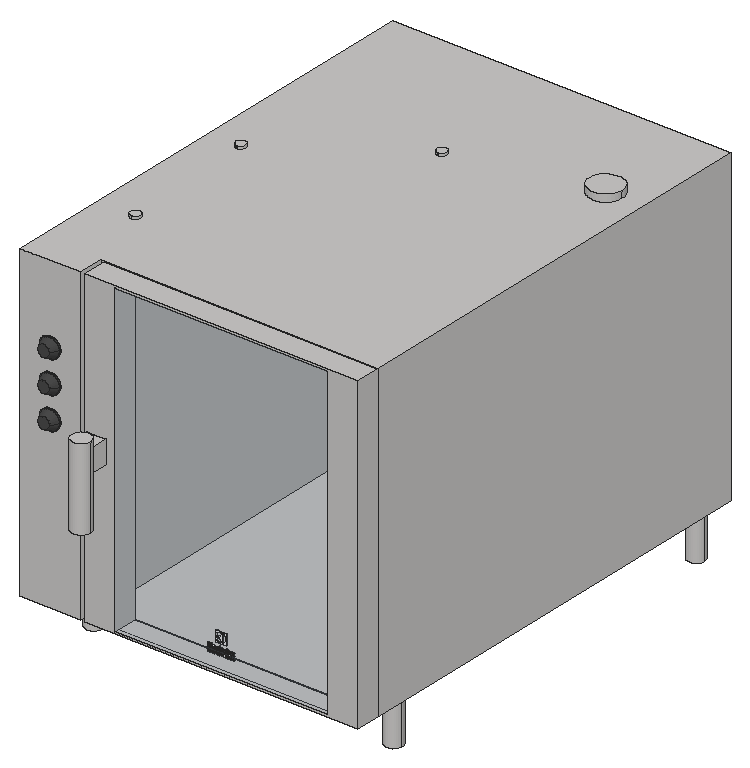
Revit family "QF_ELECTROLUXPROFESSIONAL_260866_EFCE12CSES", category Attrezzature speciali, Revit 2018
Family settings
  Quota connettore circolare = Usa diametro
  Tipo di parte = Normale
  Basato su piano di lavoro = No
  Sempre verticale = Sì
  Taglio con vuoti quando caricato = No
  Condiviso = No
  Punto di calcolo locali = No
Parameters (values of type "Standard")
  Weight = 147.00 kg
  Watts = 24500 W
  Volts = 380 V
  URL Manufacturer = "https://www.electroluxprofessional.com/"
  URL = "https://www.electroluxprofessional.com/"
  Steam Supply Size = 0 mm
  Steam Supply Minimum Pressure = 0.0 Pa
  Steam Supply Maximum Pressure = 0.0 Pa
  Steam Consumption per Hour = 0
  Show Logo [instance] = yes
  Show Clearance [instance] = yes
  Refrigeration Suction Line Size = 0 mm
  Refrigeration Liquid Line Size = 0 mm
  Refrigerant Compressor Remote = yes
  Produttore = "Electrolux Professional"
  Phase = 3
  Modello = "EFCE12CSES"
  Length Actual = 890 mm  # constant formula
  Item Number = "260866"
  Hot Water Size = 0 mm
  Height Actual = 970 mm  # constant formula
  HP = "32.9 HP"
  Gas Size = 0 mm
  Gas KW = 0
  Gas Input Pressure = 0 W
  Direct Waste Size = 25 mm
  Descrizione = "CONVECTION OVEN CW 10 GN 2/1 - ELECTRIC - 60HZ"
  Depth Actual = 1215 mm  # constant formula
  Cycle = 60 Hz
  Condensate Return Size = 0 mm
  Compressed Air Volume = 0.0 L/s
  Compressed Air Size = 0 mm
  Compressed Air Pressure = 0.0 Pa
  Cold Water Size = 19.05 mm
  Accessory = yes
Types (2, lengths in mm): name | URL | Produttore | Phase | Modello | Direct Waste Size | Descrizione | Cold Water Size
  (no name) | 0 | 0 | 0 | 0 | 0 | 0 | 0
  Standard | "https://www.electroluxprofessional.com/" | "Electrolux Professional" | 3 | "EFCE12CSES" | 25 | "CONVECTION OVEN CW 10 GN 2/1 - ELECTRIC - 60HZ" | 19.05
Values of the unnamed type that differ from the named types
  Weight = 0.00 kg
  Watts = 0 W
  Volts = 0 V
  URL Manufacturer = ""
  Item Number = ""
  HP = ""
  Cycle = 0 Hz
Reference planes
  plane 1 "Center X": y = -132.649
  plane 2: z = 0
  plane 3 "Center Y": x = -315
  plane 4 "LEFT": x = -760
  plane 5 "BACK": y = 479.851
  plane 6 "RIGHT": x = 130
  plane 7 "FRONT": y = -745.149
  plane 8: x = -710
  plane 9: y = 421.851
  plane 10: y = -680.149
  plane 11: x = 80
  plane 12: y = -1426.149
Forms (mm)
  Extrusion 1, solid, material "QF_Finishes_Stainless Steel"
    sketch origin (0, 0, 950) x (-1, 0, 0) y (0, -1, 0)
      loop
        line (760, -479.851) -> (760, 745.149) -> (600, 745.149) -> (600, 680.149) -> (-130, 680.149) -> (-130, -479.851) -> (760, -479.851)
    from 0 to -820
  Extrusion 2, solid, material "QF_Finishes_Stainless Steel"
    sketch origin (0, -745.149, -670) x (-1, 0, 0) y (0, 0, 1)
      loop
        line (590, 1620) -> (-130, 1620) -> (-130, 800) -> (590, 800) -> (590, 1620)
      loop
        line (510, 1615) -> (-50, 1615) -> (-50, 805) -> (510, 805) -> (510, 1615)
    from 0 to 65
  Extrusion 3, solid, material "QF_Finishes_Glass"
    sketch origin (0, -745.149, -670) x (-1, 0, 0) y (0, 0, 1)
      loop
        line (-50, 1615) -> (-50, 805) -> (510, 805) -> (510, 1615) -> (-50, 1615)
    from 0 to 9.69
  Extrusion 4, void
    sketch origin (-600, -680.149, 950) x (-1, 0, 0) y (0, 0, 1)
      loop
        line (-10, -5) -> (-650, -5) -> (-650, -815) -> (-10, -815) -> (-10, -5)
    from 0 to 1102
  Extrusion 5, solid, material "QF_Finishes_Stainless Steel"
    sketch origin (-32, -391, 955) x (0, -1, 0) y (-1, 0, 0)
      loop
        circle (-265.851, 643) r 13.25
    from 0 to 5
  Extrusion 6, solid, material "QF_Door-Drawer Clearances", visible <- "Show Clearance", detail levels coarse
    sketch origin (0, 0, 950) x (-1, 0, 0) y (0, -1, 0)
      loop
        arc (590, 745.149) -> (362.228, 1225.45) -> (-130, 1426.149) r 734.22
        line (-130, 1426.149) -> (-130, 745.149) -> (590, 745.149)
    from -820 to 0
  Extrusion 7, solid, material "QF_Finishes_Black"
    sketch origin (24, -745.149, -766.676) x (-1, 0, 0) y (0, 0, 1)
      loop
        circle (704, 1512.5) r 26.676
    from 0 to -3
  Blend 8, solid, material "QF_Finishes_Black"
    base sketch origin (-21, -745.149, -766.676) x (1, 0, 0) y (0, 0, 1)
      loop
        circle (-659, 1512.5) r 25
    top sketch origin (-21, -745.149, -766.676) x (1, 0, 0) y (0, 0, 1)
      loop
        circle (-659, 1512.5) r 15
    from 3 to 21.442
  Extrusion 9, solid, material "QF_Finishes_Black"
    sketch origin (24, -745.149, -851.676) x (-1, 0, 0) y (0, 0, 1)
      loop
        circle (704, 1512.5) r 26.676
    from 0 to -3
  Blend 10, solid, material "QF_Finishes_Black"
    base sketch origin (-21, -745.149, -851.676) x (1, 0, 0) y (0, 0, 1)
      loop
        circle (-659, 1512.5) r 25
    top sketch origin (-21, -745.149, -851.676) x (1, 0, 0) y (0, 0, 1)
      loop
        circle (-659, 1512.5) r 15
    from 3 to 21.442
  Extrusion 11, solid, material "QF_Finishes_Black"
    sketch origin (24, -745.149, -936.676) x (-1, 0, 0) y (0, 0, 1)
      loop
        circle (704, 1512.5) r 26.676
    from 0 to -3
  Blend 12, solid, material "QF_Finishes_Black"
    base sketch origin (-21, -745.149, -936.676) x (1, 0, 0) y (0, 0, 1)
      loop
        circle (-659, 1512.5) r 25
    top sketch origin (-21, -745.149, -936.676) x (1, 0, 0) y (0, 0, 1)
      loop
        circle (-659, 1512.5) r 15
    from 3 to 21.442
  Extrusion 13, solid, material "QF_Finishes_Stainless Steel"
    sketch origin (-17, -431, 955) x (0, -1, 0) y (-1, 0, 0)
      loop
        circle (59.149, 643) r 13.25
    from 0 to 5
  Extrusion 14, solid, material "QF_Finishes_Stainless Steel"
    sketch origin (309, 1.5, 955) x (0, -1, 0) y (-1, 0, 0)
      loop
        circle (-108.351, 643) r 13.25
    from 0 to 5
  Extrusion 15, solid, material "QF_Finishes_Stainless Steel"
    sketch origin (0, 0, 575) x (-1, 0, 0) y (0, -1, 0)
      loop
        circle (559.299, 795.149) r 25
    from -193.655 to 20
  Extrusion 16, solid, material "QF_Finishes_Stainless Steel"
    sketch origin (0, 0, 575) x (-1, 0, 0) y (0, -1, 0)
      loop
        line (534.299, 795.149) -> (534.299, 745.149) -> (584.299, 745.149) -> (584.299, 795.149)
        arc (584.299, 795.149) -> (559.299, 770.149) -> (534.299, 795.149) r 25
    from -55.026 to 5
  Extrusion 17, solid, material "QF_Finishes_Stainless Steel"
    sketch origin (68.965, -63.34, 950) x (-1, 0, 0) y (0, -1, 0)
      loop
        circle (37.965, -256.191) r 43
    from 0 to 18
Cuts and joins
  Extrusion 4 cuts Extrusion 2
  Extrusion 4 cuts Extrusion 1
Lines and regions (mm)
  Split face 1
    outline origin (50, -745.149, 135) x (1, 0, 0) y (0, 0, 1)
      loop
        line (-546.223, 92.039) -> (-395, 92.039) -> (-366.716, 120.323) -> (-280, 120.323) -> (-193.284, 120.323) -> (-165, 92.039) -> (-13.777, 92.039) -> (-13.777, 732.039) -> (-546.223, 732.039) -> (-546.223, 92.039)
  Split face 2
    outline origin (-760, -745.149, 950) x (0, 0, -1) y (1, 0, 0)
      loop
        line (5, 15) -> (815, 15) -> (815, 145) -> (5, 145) -> (5, 15)
  Split face 3
    outline origin (-760, -745.149, 950) x (0, 0, -1) y (1, 0, 0)
      loop
        line (50, 15) -> (50, 145)
  Split face 4
    outline origin (-760, -745.149, 950) x (0, 0, -1) y (1, 0, 0)
      loop
        line (770, 15) -> (770, 145)
  Split face 5
    outline origin (-760, -745.149, 950) x (0, 0, -1) y (1, 0, 0)
      loop
        line (447.866, 50) -> (472.866, 50) -> (472.866, 110) -> (447.866, 110) -> (447.866, 50)
  symbolic lines
    curve 1: line (-760, -745.149, 1620) -> (-760, 479.851, 1620)
    curve 2: line (-760, 479.851, 1620) -> (130, 479.851, 1620)
    curve 3: line (-600, -680.149, 1620) -> (130, -680.149, 1620)
    curve 4: line (-600, -680.149, 1620) -> (-600, -745.149, 1620)
    curve 5: line (-760, -745.149, 1620) -> (130, -745.149, 1620)
    curve 6: line (-706.676, -748.149, 1620) -> (-653.324, -748.149, 1620)
    curve 7: line (-695, -766.591, 1620) -> (-665, -766.591, 1620)
    curve 8: line (-706.676, -748.149, 1620) -> (-706.676, -745.149, 1620)
    curve 9: line (-653.324, -748.149, 1620) -> (-653.324, -745.149, 1620)
    curve 10: line (-695, -766.591, 1620) -> (-705, -748.149, 1620)
    curve 11: line (-665, -766.591, 1620) -> (-655.006, -748.149, 1620)
    curve 12: line (130, 479.851, 1620) -> (130, -745.149, 1620)
    curve 14: arc (-534.299, -795.149, 1620) -> (-559.299, -770.149, 1620) -> (-584.299, -795.149, 1620) r 25
    curve 15: arc (-584.299, -795.149, 1620) -> (-559.299, -820.149, 1620) -> (-534.299, -795.149, 1620) r 25
    curve 16: line (-534.299, -795.149, 1620) -> (-534.299, -745.149, 1620)
    curve 17: line (-584.299, -745.149, 1620) -> (-584.299, -795.149, 1620)
    curve 18: arc (74, 192.851, 1620) -> (31, 235.851, 1620) -> (-12, 192.851, 1620) r 43
    curve 19: arc (-12, 192.851, 1620) -> (31, 149.851, 1620) -> (74, 192.851, 1620) r 43
  symbolic lines, style "QF_Door-Drawer Clearances"
    curve 13: line (130, -1426.149, 1620) -> (130, -745.149, 1620)
    curve 20: arc (-590, -745.149, 1620) -> (-362.228, -1225.45, 1620) -> (130, -1426.149, 1620) r 734.22
Dimensions and locks
  equal spacing: plane 4 "LEFT", plane 3 "Center Y", plane 6 "RIGHT"
  plane 4 "LEFT" to plane 6 "RIGHT" = 890 mm
  plane 5 "BACK" to plane 7 "FRONT" = 1225 mm
  equal spacing: plane 5 "BACK", plane 1 "Center X", plane 7 "FRONT"
  plane 5 "BACK" to plane 12 = 1906 mm
  Extrusion 6 to level = 130 mm
  Extrusion 6 to level = 950 mm
  aligned and locked: level to plane 2
  aligned and locked: Blend 8 to Extrusion 7
  aligned and locked: Blend 10 to Extrusion 9
  aligned and locked: Blend 12 to Extrusion 11
Automatic sketch dimensions
  curve 14 to curve 15 = 0 mm  (x2)
  curve 18 to curve 19 = 0 mm  (x2)
  curve 12 to plane 5 "BACK" = 0 mm
  curve 12 to plane 6 "RIGHT" = 0 mm
  curve 16 to plane 7 "FRONT" = 0 mm
  curve 4 to plane 10 = 0 mm
  curve 1 to plane 4 "LEFT" = 0 mm
  curve 13 to plane 12 = 0 mm
  plane 6 "RIGHT" to curve 20 = 12.296 mm
  curve 19 to plane 11 = 49 mm
  curve 16 to plane 7 "FRONT" = 50 mm
  plane 8 to curve 16 = 175.701 mm
  curve 14 to curve 15 = 25 mm
  curve 17 to curve 4 = 15.701 mm
  curve 9 to plane 7 "FRONT" = 3 mm
  curve 4 to curve 9 = 53.324 mm
  curve 6 to curve 7 = 11.676 mm
  plane 8 to curve 7 = 15 mm
  plane 8 to curve 6 = 3.324 mm
  curve 19 to plane 9 = 229 mm
  curve 20 to plane 10 = 11.883 mm
  curve 10 to curve 7 = 18.442 mm
  curve 19 to plane 11 = 6 mm
  curve 6 to curve 11 = 1.682 mm
  curve 10 to curve 6 = 1.676 mm
  Extrusion 1 sketch curve to plane 5 "BACK" = 0 mm
  Extrusion 1 sketch curve to plane 6 "RIGHT" = 0 mm
  Extrusion 1 sketch curve to plane 10 = 0 mm
  Extrusion 1 sketch curve to plane 7 "FRONT" = 0 mm
  Extrusion 1 sketch curve to plane 4 "LEFT" = 0 mm
  plane 8 to Extrusion 1 sketch curve = 110 mm
  Extrusion 2 sketch curve to plane 6 "RIGHT" = 0 mm
  Extrusion 2 sketch curve to plane 11 = 30 mm
  Extrusion 2 sketch curve to plane 3 "Center Y" = 195 mm
  Extrusion 2 sketch curve to Extrusion 2 sketch curve = 80 mm
  level to Extrusion 2 sketch curve = 130 mm
  Extrusion 2 sketch curve to Extrusion 2 sketch curve = 5 mm  (x2)
  Extrusion 3 sketch curve to plane 11 = 30 mm
  Extrusion 3 sketch curve to plane 3 "Center Y" = 195 mm  (x2)
  level to Extrusion 3 sketch curve = 135 mm
  Extrusion 4 sketch curve to plane 11 = 30 mm
  plane 8 to Extrusion 4 sketch curve = 120 mm
  level to Extrusion 4 sketch curve = 135 mm
  Extrusion 5 sketch curve to plane 1 "Center X" = 7.5 mm
  plane 8 to Extrusion 5 sketch curve = 35 mm
  Extrusion 6 sketch curve to plane 6 "RIGHT" = 0 mm
  Extrusion 6 sketch curve to plane 7 "FRONT" = 0 mm
  Extrusion 6 sketch curve to plane 12 = 0 mm
  plane 6 "RIGHT" to Extrusion 6 sketch curve = 12.296 mm
  plane 8 to Extrusion 6 sketch curve = 120 mm
  plane 8 to Extrusion 7 sketch curve = 30 mm
  Extrusion 2 to Blend 8 sketch curve = 90 mm  (x2)
  Extrusion 2 to Blend 8 sketch curve = 199.176 mm  (x2)
  plane 8 to Extrusion 9 sketch curve = 30 mm
  Extrusion 2 to Blend 10 sketch curve = 90 mm  (x2)
  Extrusion 2 to Blend 10 sketch curve = 284.176 mm  (x2)
  plane 8 to Extrusion 11 sketch curve = 30 mm
  Extrusion 2 to Blend 12 sketch curve = 90 mm  (x2)
  Extrusion 2 to Blend 12 sketch curve = 369.176 mm  (x2)
  plane 8 to Extrusion 13 sketch curve = 50 mm
  plane 10 to Extrusion 13 sketch curve = 190 mm
  Extrusion 14 sketch curve to plane 3 "Center Y" = 19 mm
  Extrusion 14 sketch curve to plane 1 "Center X" = 242.5 mm
  Extrusion 15 sketch curve to plane 7 "FRONT" = 50 mm
  plane 8 to Extrusion 15 sketch curve = 150.701 mm
  Extrusion 16 sketch curve to plane 7 "FRONT" = 0 mm
  plane 8 to Extrusion 16 sketch curve = 175.701 mm
  Extrusion 16 sketch curve to Extrusion 16 sketch curve = 25 mm
  Extrusion 16 sketch curve to plane 7 "FRONT" = 50 mm
  Split face 1 sketch curve to Extrusion 3 = 13.777 mm  (x2)
  Split face 1 sketch curve to Split face 1 sketch curve = 151.223 mm
  Split face 1 sketch curve to Split face 1 sketch curve = 28.284 mm  (x3)
  Split face 1 sketch curve to Split face 1 sketch curve = 86.716 mm  (x2)
  Split face 1 sketch curve to Extrusion 3 = 92.039 mm  (x2)
  Split face 1 sketch curve to Extrusion 3 = 77.961 mm
  Extrusion 17 sketch curve to plane 11 = 49 mm
  Extrusion 17 sketch curve to plane 9 = 229 mm
  Split face 2 sketch curve to cut or joined group of Extrusion 1, Extrusion 4 = 5 mm  (x2)
  Split face 2 sketch curve to cut or joined group of Extrusion 1, Extrusion 4 = 15 mm  (x2)
  Split face 3 sketch curve to cut or joined group of Extrusion 1, Extrusion 4 = 15 mm  (x2)
  Split face 3 sketch curve to cut or joined group of Extrusion 1, Extrusion 4 = 50 mm
  Split face 4 sketch curve to cut or joined group of Extrusion 1, Extrusion 4 = 15 mm  (x2)
  Split face 4 sketch curve to cut or joined group of Extrusion 1, Extrusion 4 = 50 mm
  Split face 5 sketch curve to cut or joined group of Extrusion 1, Extrusion 4 = 50 mm  (x2)
  Split face 5 sketch curve to cut or joined group of Extrusion 1, Extrusion 4 = 372.134 mm
  Split face 5 sketch curve to Split face 5 sketch curve = 25 mm
  level to Extrusion 7 sketch curve = 745.824 mm
  level to Extrusion 9 sketch curve = 660.824 mm
  level to Extrusion 11 sketch curve = 575.824 mm
  Extrusion 2 sketch curve to Extrusion 2 sketch curve = 810 mm
  Extrusion 3 sketch curve to Extrusion 3 sketch curve = 810 mm
  Extrusion 4 sketch curve to Extrusion 4 sketch curve = 810 mm
  radius of Extrusion 5 sketch curve = 13.25 mm
  radius of Extrusion 7 sketch curve = 26.676 mm
  radius of Blend 8 sketch curve = 25 mm
  radius of Blend 8 sketch curve = 15 mm
  radius of Extrusion 9 sketch curve = 26.676 mm
  radius of Blend 10 sketch curve = 25 mm
  radius of Blend 10 sketch curve = 15 mm
  radius of Extrusion 11 sketch curve = 26.676 mm
  radius of Blend 12 sketch curve = 25 mm
  radius of Blend 12 sketch curve = 15 mm
  radius of Extrusion 13 sketch curve = 13.25 mm
  radius of Extrusion 14 sketch curve = 13.25 mm
  radius of Extrusion 15 sketch curve = 25 mm
  radius of Extrusion 17 sketch curve = 43 mm
Nested families
  nested 1: "Foot" at (-710, -565.149, 0), type "Foot"
    with Ø 22 mm, H 130 mm
  nested 2: "Foot" at (80, -565.149, 0), type "Foot"
    with Ø 22 mm, H 130 mm
  nested 3: "Foot" at (80, 429.851, 0), type "Foot"
    with Ø 22 mm, H 130 mm
  nested 4: "Foot" at (-710, 429.851, 0), type "Foot"
    with Ø 22 mm, H 130 mm
  nested 5: "ELX_Pro_Logo" at (-230, -745.149, 201.012) x (1, 0, 0) z (0, -1, 0), type "ELX_Pro_Logo"
Connectors
  piping at (-334, 109.851, 955), diameter 26.4
    settings: on Extrusion 14, index 6, connector inside diameter 609.6 mm, connector length 0 mm, flow factor 0, pipe flow 0.0 L/s, pressure drop 0.0 Pa, fitting loss kfactor 0, connector angle 0.00°, fixture units 0, engagement length 0 mm, angle of deflection 0.00°, flow configuration 0, flow direction 0, fitting loss method 0, system type 16, joint type 0, gender type 0, connector reference index -1, connector utility 0, adjustable connector no, is connector primary yes, connector description ""
  electrical at (-660, -490.149, 955)
    settings: on Extrusion 13, index 7, voltage 0 V, apparent load 0 VA, apparent load phase1 0 VA, apparent load phase2 0 VA, apparent load phase3 0 VA, power factor 1, load classification "Altro", number of poles 1, system type 30, power factor state 1, is connector primary yes, connector utility no, sub classification motor no, connector description "Electrical"
  piping at (-675, -125.149, 955), diameter 26.4
    settings: on Extrusion 5, index 8, connector inside diameter 609.6 mm, connector length 0 mm, flow factor 0, pipe flow 0.0 L/s, pressure drop 0.0 Pa, fitting loss kfactor 0, connector angle 0.00°, fixture units 0, engagement length 0 mm, angle of deflection 0.00°, flow configuration 0, flow direction 0, fitting loss method 0, system type 20, joint type 0, gender type 0, connector reference index -1, connector utility 0, adjustable connector no, is connector primary no, connector description "Cold Water Inled"
Definition of nested family "Foot"
  Parameters
    Ø [instance] = 20 mm
    H [instance] = 50 mm
  Reference planes
    plane 1 "Centro (Fronte/Retro)": y = 0
    plane 2: z = 0
    plane 3 "Centro (Sinistra/Destra)": x = 0
    plane 4: z = 50
  Forms (mm)
    Revolve 1, solid
      sketch origin (255.05, 0, 608.09) x (0, 0, 1) y (-1, 0, 0)
        loop
          line (-608.09, 255.05) -> (-608.09, 235.05) -> (-558.09, 235.05) -> (-558.09, 255.05) -> (-608.09, 255.05)
        axis (-608.09, 255.05) -> (-558.09, 255.05)
      angle from 0 to 360
  Dimensions and locks
    "H": plane 4 to plane 2
    "Ø": Revolve 1 sketch curve to Revolve 1 sketch curve
    aligned and locked: level to plane 2
    aligned and locked: plane 4 to Revolve 1 sketch curve
    aligned and locked: Revolve 1 sketch curve to level
    aligned and locked: plane 3 "Centro (Sinistra/Destra)" to Revolve 1 sketch curve
  Automatic sketch dimensions
    Revolve 1 sketch curve to plane 3 "Centro (Sinistra/Destra)" = 0 mm
    Revolve 1 sketch curve to Revolve 1 sketch curve = 50 mm
    Revolve 1 sketch curve to Revolve 1 sketch curve = 20 mm
Definition of nested family "ELX_Pro_Logo"
  Parameters (values of type "ELX_Pro_Logo")
    M = none
    Default Elevation = 0 mm
  Reference planes
    plane 1 "Centro (Fronte/Retro)": y = 0
    plane 2: z = 0
    plane 3 "Centro (Sinistra/Destra)": x = 0
  Forms (mm)
    Extrusion 1, solid
      sketch origin (0, 0, 0) x (1, 0, 0) y (0, 1, 0)
        loop
          line (-1219.2, 1219.2) -> (-1219.2, -1219.2) -> (1219.2, -1219.2) -> (1219.2, 1219.2) -> (-1219.2, 1219.2)
      from 0 to -304.8
    Extrusion 2, solid, material <- "M"
      sketch origin (-144.622, -1081.55, 0) x (-1, 0, 0) y (0, -1, 0)
        loop
          line (-111.329, -1069.559) -> (-111.329, -1071.073) -> (-116.048, -1071.073) -> (-116.048, -1072.896) -> (-111.328, -1072.896) -> (-111.328, -1075.549) -> (-116.349, -1075.549) -> (-116.349, -1077.368) -> (-109.396, -1077.368) -> (-109.396, -1073.46) -> (-109.396, -1069.659)
          arc (-109.396, -1069.659) -> (-110.425, -1067.175) -> (-112.909, -1066.146) r 3.513
          line (-112.909, -1066.146) -> (-116.483, -1066.146) -> (-116.483, -1067.963) -> (-112.925, -1067.963)
          arc (-112.925, -1067.963) -> (-111.797, -1068.431) -> (-111.329, -1069.559) r 1.596
        loop
          line (-119.79, -1077.358) -> (-117.856, -1077.358) -> (-117.856, -1072.053) -> (-117.856, -1066.132) -> (-119.79, -1066.132) -> (-119.79, -1072.092) -> (-119.79, -1077.358)
        loop
          line (-122.986, -1069.718) -> (-129.327, -1069.718)
          arc (-129.327, -1069.718) -> (-129.219, -1071.449) -> (-128.497, -1073.026) r 4.757
          arc (-128.497, -1073.026) -> (-125.237, -1074.5) -> (-121.978, -1073.026) r 4.34
          arc (-121.978, -1073.026) -> (-121.072, -1070.207) -> (-121.978, -1067.388) r 4.838
          arc (-121.978, -1067.388) -> (-125.393, -1065.933) -> (-128.809, -1067.388) r 4.737
          line (-128.809, -1067.388) -> (-127.645, -1068.52)
          arc (-127.645, -1068.52) -> (-125.509, -1067.576) -> (-123.374, -1068.52) r 2.888
          arc (-123.374, -1068.52) -> (-123.05, -1069.077) -> (-122.986, -1069.718) r 1.527
        loop
          arc (-127.386, -1071.076) -> (-126.67, -1072.331) -> (-125.331, -1072.872) r 2.201
          arc (-125.331, -1072.872) -> (-123.848, -1072.402) -> (-123.033, -1071.076) r 2.23
          line (-123.033, -1071.076) -> (-127.386, -1071.076)
        loop
          line (-136.862, -1071.886) -> (-138.059, -1073.132)
          arc (-138.059, -1073.132) -> (-130.327, -1070.219) -> (-138.059, -1067.306) r 4.415
          line (-138.059, -1067.306) -> (-136.862, -1068.553)
          arc (-136.862, -1068.553) -> (-132.252, -1070.22) -> (-136.862, -1071.886) r 2.606
        loop
          line (-141.192, -1069.673) -> (-141.192, -1072.494) -> (-142.951, -1072.494) -> (-142.951, -1074.25) -> (-141.195, -1074.25) -> (-141.195, -1077.358) -> (-139.262, -1077.358) -> (-139.262, -1073.332) -> (-139.262, -1069.514)
          arc (-139.262, -1069.514) -> (-140.299, -1066.92) -> (-142.98, -1066.132) r 3.196
          line (-142.98, -1066.132) -> (-142.987, -1067.949)
          arc (-142.987, -1067.949) -> (-141.652, -1068.356) -> (-141.192, -1069.673) r 1.542
        loop
          line (-146.494, -1073.042) -> (-146.494, -1074.25) -> (-144.576, -1074.25) -> (-144.576, -1070.271) -> (-144.576, -1066.132) -> (-146.494, -1066.132) -> (-146.494, -1070.401)
          arc (-146.494, -1070.401) -> (-147.446, -1072.228) -> (-149.489, -1072.494) r 2.229
          line (-149.489, -1072.494) -> (-149.489, -1074.362)
          arc (-149.489, -1074.362) -> (-147.761, -1074.226) -> (-146.494, -1073.042) r 2.627
        loop
          line (-159.833, -1072.246) -> (-159.833, -1066.131) -> (-161.767, -1066.131) -> (-161.767, -1072.17) -> (-161.767, -1077.359) -> (-159.833, -1077.359) -> (-159.833, -1072.246)
        loop
          line (-165.194, -1069.514) -> (-165.194, -1074.25) -> (-163.245, -1074.25) -> (-163.245, -1071.898) -> (-163.245, -1069.098)
          arc (-163.245, -1069.098) -> (-166.96, -1065.769) -> (-170.687, -1069.085) r 3.745
          line (-170.687, -1069.085) -> (-170.687, -1071.898) -> (-170.687, -1074.25) -> (-168.739, -1074.25) -> (-168.739, -1069.514)
          arc (-168.739, -1069.514) -> (-166.967, -1067.742) -> (-165.194, -1069.514) r 1.772
        loop
          line (-174.654, -1070.416) -> (-172.975, -1068.078) -> (-171.578, -1066.131) -> (-173.656, -1066.131) -> (-175.717, -1068.999) -> (-177.779, -1066.131) -> (-179.857, -1066.131) -> (-178, -1068.728) -> (-176.781, -1070.433) -> (-178.29, -1072.488) -> (-179.583, -1074.25) -> (-177.473, -1074.25) -> (-175.717, -1071.818) -> (-173.945, -1074.25) -> (-171.852, -1074.25) -> (-173.052, -1072.608) -> (-174.654, -1070.416)
        loop
          circle (-154.223, -1070.188) r 2.508
        loop
          circle (-154.223, -1070.188) r 4.42
        loop
          line (-110.224, -1058.542) -> (-111.194, -1058.542)
          arc (-111.194, -1058.542) -> (-112.217, -1059.95) -> (-110.924, -1061.114) r 1.3
          line (-110.924, -1061.114) -> (-109.424, -1061.114) -> (-109.424, -1057.223) -> (-110.224, -1057.223) -> (-110.224, -1058.542)
        loop
          line (-110.224, -1060.379) -> (-110.224, -1059.293) -> (-111.03, -1059.293)
          arc (-111.03, -1059.293) -> (-111.43, -1059.836) -> (-111.03, -1060.379) r 0.569
          line (-111.03, -1060.379) -> (-110.224, -1060.379)
        loop
          line (-116.302, -1058.564) -> (-117.128, -1058.564) -> (-117.934, -1057.223) -> (-118.841, -1057.223) -> (-117.833, -1058.884)
          arc (-117.833, -1058.884) -> (-118.214, -1060.282) -> (-117.028, -1061.114) r 1.26
          line (-117.028, -1061.114) -> (-115.503, -1061.114) -> (-115.503, -1057.223) -> (-116.302, -1057.223) -> (-116.302, -1058.564)
        loop
          line (-116.302, -1060.379) -> (-116.302, -1059.293) -> (-117.109, -1059.293)
          arc (-117.109, -1059.293) -> (-117.508, -1059.836) -> (-117.109, -1060.379) r 0.569
          line (-117.109, -1060.379) -> (-116.302, -1060.379)
        loop
          line (-128.923, -1057.223) -> (-129.723, -1057.223) -> (-129.723, -1058.714) -> (-131.187, -1058.714) -> (-131.187, -1059.514) -> (-129.723, -1059.514) -> (-129.723, -1060.314) -> (-131.327, -1060.314) -> (-131.327, -1061.114) -> (-128.923, -1061.114) -> (-128.923, -1057.223)
        loop
          arc (-134.628, -1058.469) -> (-134.992, -1057.588) -> (-135.874, -1057.223) r 1.246
          line (-135.874, -1057.223) -> (-137.13, -1057.223) -> (-137.13, -1058.023) -> (-135.969, -1058.023)
          arc (-135.969, -1058.023) -> (-135.53, -1058.237) -> (-135.427, -1058.714) r 0.558
          line (-135.427, -1058.714) -> (-136.984, -1058.714) -> (-136.984, -1059.514) -> (-135.427, -1059.514) -> (-135.427, -1060.314) -> (-137.092, -1060.314) -> (-137.092, -1061.114) -> (-134.628, -1061.114) -> (-134.628, -1058.469)
        loop
          line (-152.3, -1057.223) -> (-153.1, -1057.223) -> (-153.1, -1061.114) -> (-152.3, -1061.114) -> (-152.3, -1057.223)
        loop
          line (-164.67, -1057.223) -> (-164.67, -1059.67) -> (-166.45, -1057.223) -> (-167.25, -1057.223) -> (-167.25, -1061.114) -> (-166.42, -1061.114) -> (-166.42, -1058.594) -> (-164.64, -1061.114) -> (-163.84, -1061.114) -> (-163.84, -1057.223) -> (-164.67, -1057.223)
        loop
          line (-170.403, -1057.223) -> (-171.262, -1057.223) -> (-171.641, -1058.063) -> (-173.08, -1058.063) -> (-173.459, -1057.223) -> (-174.317, -1057.223) -> (-172.796, -1061.113) -> (-171.996, -1061.113) -> (-170.403, -1057.223)
        loop
          line (-177.493, -1057.223) -> (-179.789, -1057.223) -> (-179.789, -1058.023) -> (-178.293, -1058.023) -> (-178.293, -1061.114) -> (-177.493, -1061.114) -> (-177.493, -1057.223)
        loop
          line (-172.362, -1059.848) -> (-171.945, -1058.83) -> (-172.76, -1058.83) -> (-172.362, -1059.848)
        loop
          circle (-158.484, -1059.145) r 1.288
        loop
          circle (-158.484, -1059.145) r 2.065
        loop
          arc (-146.04, -1058.095) -> (-146.933, -1057.275) -> (-148.145, -1057.245) r 1.725
          arc (-148.145, -1057.245) -> (-148.965, -1058.02) -> (-148.68, -1059.111) r 1.107
          arc (-148.68, -1059.111) -> (-148.103, -1059.465) -> (-147.486, -1059.746) r 5.523
          arc (-147.486, -1059.746) -> (-147.147, -1060.262) -> (-147.708, -1060.52) r 0.407
          arc (-147.708, -1060.52) -> (-148.045, -1060.315) -> (-148.325, -1060.038) r 1.702
          line (-148.325, -1060.038) -> (-149.011, -1060.45)
          arc (-149.011, -1060.45) -> (-148.578, -1060.911) -> (-148.043, -1061.247) r 2.463
          arc (-148.043, -1061.247) -> (-146.373, -1060.466) -> (-147.42, -1058.949) r 1.207
          spline (-147.42, -1058.949) -> (-147.716, -1058.809) -> (-147.932, -1058.678) -> (-148.077, -1058.557) -> (-148.163, -1058.446) -> (-148.198, -1058.347) -> (-148.192, -1058.258) -> (-148.157, -1058.182) -> (-148.102, -1058.118) -> (-148.037, -1058.068) -> (-147.972, -1058.031) -> (-147.917, -1058.008) -> (-147.883, -1058)
          arc (-147.883, -1058) -> (-147.238, -1058.014) -> (-146.759, -1058.446) r 0.925
          line (-146.759, -1058.446) -> (-146.04, -1058.095)
        loop
          arc (-140.18, -1058.095) -> (-141.073, -1057.275) -> (-142.285, -1057.245) r 1.725
          arc (-142.285, -1057.245) -> (-143.106, -1058.02) -> (-142.821, -1059.111) r 1.107
          arc (-142.821, -1059.111) -> (-142.243, -1059.465) -> (-141.627, -1059.746) r 5.523
          arc (-141.627, -1059.746) -> (-141.287, -1060.262) -> (-141.849, -1060.52) r 0.407
          arc (-141.849, -1060.52) -> (-142.185, -1060.315) -> (-142.466, -1060.038) r 1.702
          line (-142.466, -1060.038) -> (-143.151, -1060.45)
          arc (-143.151, -1060.45) -> (-142.719, -1060.911) -> (-142.183, -1061.247) r 2.463
          arc (-142.183, -1061.247) -> (-140.513, -1060.466) -> (-141.56, -1058.949) r 1.207
          spline (-141.56, -1058.949) -> (-141.856, -1058.809) -> (-142.072, -1058.678) -> (-142.218, -1058.557) -> (-142.303, -1058.446) -> (-142.338, -1058.347) -> (-142.333, -1058.258) -> (-142.298, -1058.182) -> (-142.242, -1058.118) -> (-142.177, -1058.068) -> (-142.112, -1058.031) -> (-142.057, -1058.008) -> (-142.023, -1058)
          arc (-142.023, -1058) -> (-141.378, -1058.014) -> (-140.9, -1058.446) r 0.925
          line (-140.9, -1058.446) -> (-140.18, -1058.095)
        loop
          circle (-123.484, -1059.145) r 1.288
        loop
          circle (-123.484, -1059.145) r 2.065
        loop
          line (-130.225, -1113.361) -> (-130.225, -1084.645) -> (-158.979, -1084.645) -> (-158.979, -1113.361) -> (-130.225, -1113.361)
        loop
          arc (-148.442, -1086.055) -> (-157.992, -1098.973) -> (-148.442, -1111.892) r 13.512
          line (-148.442, -1111.892) -> (-148.442, -1086.055)
        loop
          line (-147.127, -1086.055) -> (-147.127, -1087.926)
          arc (-147.127, -1087.926) -> (-143.116, -1095.125) -> (-135.48, -1098.224) r 12.412
          line (-135.48, -1098.224) -> (-131.205, -1098.224)
          arc (-131.205, -1098.224) -> (-136.382, -1088.497) -> (-147.127, -1086.055) r 13.242
        loop
          line (-147.127, -1110.021) -> (-147.127, -1112.224)
          arc (-147.127, -1112.224) -> (-136.374, -1109.53) -> (-131.205, -1099.722) r 13.588
          line (-131.205, -1099.722) -> (-135.48, -1099.722)
          arc (-135.48, -1099.722) -> (-143.116, -1102.822) -> (-147.127, -1110.021) r 12.412
      from 0 to 1.6
  Lines and regions (mm)
    symbolic lines
      curve 1: line (-14.357, 31.811, 0) -> (14.357, 31.811, 0)
      curve 2: line (-14.357, 3.095, 0) -> (-14.357, 31.811, 0)
      curve 3: line (14.357, 3.095, 0) -> (-14.357, 3.095, 0)
      curve 4: line (14.357, 31.811, 0) -> (14.357, 3.095, 0)
      curve 5: line (-8.32, 7.722, 0) -> (-9.387, 8.738, 0)
      curve 6: line (-9.387, 8.738, 0) -> (-10.331, 9.866, 0)
      curve 7: line (-10.331, 9.866, 0) -> (-11.141, 11.095, 0)
      curve 8: line (-11.141, 11.095, 0) -> (-11.805, 12.411, 0)
      curve 9: line (-11.805, 12.411, 0) -> (-12.31, 13.803, 0)
      curve 10: line (-12.31, 13.803, 0) -> (-12.646, 15.26, 0)
      curve 11: line (-12.646, 15.26, 0) -> (-12.8, 16.77, 0)
      curve 12: line (-12.8, 16.77, 0) -> (-10.081, 16.77, 0)
      curve 13: line (-10.081, 16.77, 0) -> (-8.466, 16.661, 0)
      curve 14: line (-8.466, 16.661, 0) -> (-6.88, 16.344, 0)
      curve 15: line (-6.88, 16.344, 0) -> (-5.345, 15.833, 0)
      curve 16: line (-5.345, 15.833, 0) -> (-3.882, 15.143, 0)
      curve 17: line (-3.882, 15.143, 0) -> (-2.511, 14.288, 0)
      curve 18: line (-2.511, 14.288, 0) -> (-1.255, 13.283, 0)
      curve 19: line (-1.255, 13.283, 0) -> (-0.135, 12.143, 0)
      curve 20: line (-0.135, 12.143, 0) -> (0.83, 10.882, 0)
      curve 21: line (0.83, 10.882, 0) -> (1.616, 9.515, 0)
      curve 22: arc (1.616, 9.515, 0) -> (2.419, 7.28, 0) -> (2.7, 4.923, 0) r 10.532
      curve 23: arc (2.7, 4.923, 0) -> (1.362, 4.715, 0) -> (0.011, 4.633, 0) r 14.39
      curve 24: line (0.011, 4.633, 0) -> (-1.56, 4.731, 0)
      curve 25: line (-1.56, 4.731, 0) -> (-3.062, 5.011, 0)
      curve 26: line (-3.062, 5.011, 0) -> (-4.502, 5.462, 0)
      curve 27: line (-4.502, 5.462, 0) -> (-5.866, 6.072, 0)
      curve 28: line (-5.866, 6.072, 0) -> (-7.142, 6.829, 0)
      curve 29: line (-7.142, 6.829, 0) -> (-8.32, 7.722, 0)
      curve 30: line (-10.802, 24.24, 0) -> (-9.872, 25.531, 0)
      curve 31: line (-9.872, 25.531, 0) -> (-8.796, 26.699, 0)
      curve 32: line (-8.796, 26.699, 0) -> (-7.587, 27.728, 0)
      curve 33: line (-7.587, 27.728, 0) -> (-6.258, 28.602, 0)
      curve 34: line (-6.258, 28.602, 0) -> (-4.823, 29.309, 0)
      curve 35: line (-4.823, 29.309, 0) -> (-3.293, 29.832, 0)
      curve 36: line (-3.293, 29.832, 0) -> (-1.683, 30.156, 0)
      curve 37: arc (-1.683, 30.156, 0) -> (0.517, 30.256, 0) -> (2.702, 29.984, 0) r 13.008
      curve 38: arc (2.702, 29.984, 0) -> (2.453, 27.616, 0) -> (1.617, 25.387, 0) r 9.395
      curve 39: line (1.617, 25.387, 0) -> (0.83, 24.018, 0)
      curve 40: line (0.83, 24.018, 0) -> (-0.134, 22.756, 0)
      curve 41: line (-0.134, 22.756, 0) -> (-1.255, 21.615, 0)
      curve 42: line (-1.255, 21.615, 0) -> (-2.512, 20.609, 0)
      curve 43: line (-2.512, 20.609, 0) -> (-3.882, 19.754, 0)
      curve 44: line (-3.882, 19.754, 0) -> (-5.346, 19.063, 0)
      curve 45: line (-5.346, 19.063, 0) -> (-6.881, 18.551, 0)
      curve 46: line (-6.881, 18.551, 0) -> (-8.467, 18.234, 0)
      curve 47: line (-8.467, 18.234, 0) -> (-10.083, 18.125, 0)
      curve 48: line (-10.083, 18.125, 0) -> (-12.798, 18.125, 0)
      curve 49: line (-12.798, 18.125, 0) -> (-12.584, 19.768, 0)
      curve 50: line (-12.584, 19.768, 0) -> (-12.171, 21.343, 0)
      curve 51: line (-12.171, 21.343, 0) -> (-11.572, 22.839, 0)
      curve 52: line (-11.572, 22.839, 0) -> (-10.802, 24.24, 0)
      curve 53: line (4.048, 5.294, 0) -> (4.048, 29.617, 0)
      curve 54: line (4.048, 29.617, 0) -> (5.525, 29.026, 0)
      curve 55: line (5.525, 29.026, 0) -> (6.905, 28.26, 0)
      curve 56: line (6.905, 28.26, 0) -> (8.174, 27.332, 0)
      curve 57: line (8.174, 27.332, 0) -> (9.318, 26.256, 0)
      curve 58: line (9.318, 26.256, 0) -> (10.323, 25.046, 0)
      curve 59: line (10.323, 25.046, 0) -> (11.177, 23.715, 0)
      curve 60: line (11.177, 23.715, 0) -> (11.865, 22.277, 0)
      curve 61: line (11.865, 22.277, 0) -> (12.375, 20.746, 0)
      curve 62: line (12.375, 20.746, 0) -> (12.693, 19.135, 0)
      curve 63: line (12.693, 19.135, 0) -> (12.804, 17.459, 0)
      curve 64: line (12.804, 17.459, 0) -> (12.702, 15.807, 0)
      curve 65: line (12.702, 15.807, 0) -> (12.396, 14.216, 0)
      curve 66: line (12.396, 14.216, 0) -> (11.897, 12.7, 0)
      curve 67: line (11.897, 12.7, 0) -> (11.218, 11.271, 0)
      curve 68: line (11.218, 11.271, 0) -> (10.372, 9.944, 0)
      curve 69: line (10.372, 9.944, 0) -> (9.37, 8.731, 0)
      curve 70: line (9.37, 8.731, 0) -> (8.224, 7.646, 0)
      curve 71: line (8.224, 7.646, 0) -> (6.947, 6.703, 0)
      curve 72: line (6.947, 6.703, 0) -> (5.551, 5.914, 0)
      curve 73: line (5.551, 5.914, 0) -> (4.048, 5.294, 0)
      curve 74: line (-35.227, -8.09, 0) -> (-35.227, -11.891, 0)
      curve 75: arc (-35.227, -11.891, 0) -> (-34.198, -14.375, 0) -> (-31.714, -15.404, 0) r 3.513
      curve 76: line (-31.714, -15.404, 0) -> (-28.139, -15.404, 0)
      curve 77: line (-28.139, -15.404, 0) -> (-28.139, -13.587, 0)
      curve 78: line (-28.139, -13.587, 0) -> (-31.697, -13.587, 0)
      curve 79: arc (-31.697, -13.587, 0) -> (-32.826, -13.119, 0) -> (-33.293, -11.991, 0) r 1.596
      curve 80: line (-33.293, -11.991, 0) -> (-33.293, -10.477, 0)
      curve 81: line (-33.293, -10.477, 0) -> (-28.574, -10.477, 0)
      curve 82: line (-28.574, -10.477, 0) -> (-28.574, -8.654, 0)
      curve 83: line (-28.574, -8.654, 0) -> (-33.294, -8.654, 0)
      curve 84: line (-33.294, -8.654, 0) -> (-33.294, -6.001, 0)
      curve 85: line (-33.294, -6.001, 0) -> (-28.273, -6.001, 0)
      curve 86: line (-28.273, -6.001, 0) -> (-28.273, -4.182, 0)
      curve 87: line (-28.273, -4.182, 0) -> (-35.227, -4.182, 0)
      curve 88: line (-35.227, -4.182, 0) -> (-35.227, -8.09, 0)
      curve 89: line (-24.833, -9.458, 0) -> (-24.833, -4.192, 0)
      curve 90: line (-24.833, -4.192, 0) -> (-26.766, -4.192, 0)
      curve 91: line (-26.766, -4.192, 0) -> (-26.766, -9.497, 0)
      curve 92: line (-26.766, -9.497, 0) -> (-26.766, -15.418, 0)
      curve 93: line (-26.766, -15.418, 0) -> (-24.833, -15.418, 0)
      curve 94: line (-24.833, -15.418, 0) -> (-24.833, -9.458, 0)
      curve 95: arc (-16.125, -8.524, 0) -> (-19.385, -7.05, 0) -> (-22.645, -8.524, 0) r 4.34
      curve 96: arc (-22.645, -8.524, 0) -> (-23.551, -11.343, 0) -> (-22.645, -14.162, 0) r 4.838
      curve 97: arc (-22.645, -14.162, 0) -> (-19.229, -15.617, 0) -> (-15.813, -14.162, 0) r 4.737
      curve 98: line (-15.813, -14.162, 0) -> (-16.978, -13.03, 0)
      curve 99: arc (-16.978, -13.03, 0) -> (-19.113, -13.974, 0) -> (-21.249, -13.03, 0) r 2.888
      curve 100: arc (-21.249, -13.03, 0) -> (-21.572, -12.473, 0) -> (-21.637, -11.832, 0) r 1.527
      curve 101: line (-21.637, -11.832, 0) -> (-15.295, -11.832, 0)
      curve 102: arc (-15.295, -11.832, 0) -> (-15.404, -10.101, 0) -> (-16.125, -8.524, 0) r 4.757
      curve 103: line (-17.236, -10.474, 0) -> (-21.589, -10.474, 0)
      curve 104: arc (-21.589, -10.474, 0) -> (-20.774, -9.148, 0) -> (-19.291, -8.678, 0) r 2.23
      curve 105: arc (-19.291, -8.678, 0) -> (-17.952, -9.219, 0) -> (-17.236, -10.474, 0) r 2.201
      curve 106: arc (-6.563, -8.418, 0) -> (-14.295, -11.331, 0) -> (-6.563, -14.244, 0) r 4.415
      curve 107: line (-6.563, -14.244, 0) -> (-7.761, -12.997, 0)
      curve 108: arc (-7.761, -12.997, 0) -> (-12.371, -11.33, 0) -> (-7.761, -9.664, 0) r 2.606
      curve 109: line (-7.761, -9.664, 0) -> (-6.563, -8.418, 0)
      curve 110: line (-5.361, -4.192, 0) -> (-5.361, -8.218, 0)
      curve 111: line (-5.361, -8.218, 0) -> (-5.361, -12.036, 0)
      curve 112: arc (-5.361, -12.036, 0) -> (-4.323, -14.63, 0) -> (-1.642, -15.418, 0) r 3.196
      curve 113: line (-1.642, -15.418, 0) -> (-1.636, -13.601, 0)
      curve 114: arc (-1.636, -13.601, 0) -> (-2.97, -13.194, 0) -> (-3.43, -11.877, 0) r 1.542
      curve 115: line (-3.43, -11.877, 0) -> (-3.43, -9.056, 0)
      curve 116: line (-3.43, -9.056, 0) -> (-1.672, -9.056, 0)
      curve 117: line (-1.672, -9.056, 0) -> (-1.672, -7.299, 0)
      curve 118: line (-1.672, -7.299, 0) -> (-3.427, -7.299, 0)
      curve 119: line (-3.427, -7.299, 0) -> (-3.427, -4.192, 0)
      curve 120: line (-3.427, -4.192, 0) -> (-5.361, -4.192, 0)
      curve 121: line (1.872, -7.3, 0) -> (-0.046, -7.3, 0)
      curve 122: line (-0.046, -7.3, 0) -> (-0.046, -11.279, 0)
      curve 123: line (-0.046, -11.279, 0) -> (-0.046, -15.418, 0)
      curve 124: line (-0.046, -15.418, 0) -> (1.872, -15.418, 0)
      curve 125: line (1.872, -15.418, 0) -> (1.872, -11.149, 0)
      curve 126: arc (1.872, -11.149, 0) -> (2.824, -9.322, 0) -> (4.867, -9.056, 0) r 2.229
      curve 127: line (4.867, -9.056, 0) -> (4.867, -7.188, 0)
      curve 128: arc (4.867, -7.188, 0) -> (3.138, -7.324, 0) -> (1.872, -8.508, 0) r 2.627
      curve 129: line (1.872, -8.508, 0) -> (1.872, -7.3, 0)
      curve 130: arc (7.092, -11.362, 0) -> (9.601, -8.854, 0) -> (12.109, -11.362, 0) r 2.508
      curve 131: arc (12.109, -11.362, 0) -> (9.601, -13.871, 0) -> (7.092, -11.362, 0) r 2.508
      curve 132: arc (5.18, -11.362, 0) -> (9.601, -15.783, 0) -> (14.021, -11.362, 0) r 4.42
      curve 133: arc (14.021, -11.362, 0) -> (9.601, -6.942, 0) -> (5.18, -11.362, 0) r 4.42
      curve 134: line (15.211, -4.191, 0) -> (15.211, -9.304, 0)
      curve 135: line (15.211, -9.304, 0) -> (15.211, -15.419, 0)
      curve 136: line (15.211, -15.419, 0) -> (17.145, -15.419, 0)
      curve 137: line (17.145, -15.419, 0) -> (17.145, -9.38, 0)
      curve 138: line (17.145, -9.38, 0) -> (17.145, -4.191, 0)
      curve 139: line (17.145, -4.191, 0) -> (15.211, -4.191, 0)
      curve 140: line (18.622, -7.299, 0) -> (18.622, -9.652, 0)
      curve 141: line (18.622, -9.652, 0) -> (18.622, -12.452, 0)
      curve 142: arc (18.622, -12.452, 0) -> (22.338, -15.781, 0) -> (26.064, -12.465, 0) r 3.745
      curve 143: line (26.064, -12.465, 0) -> (26.064, -9.652, 0)
      curve 144: line (26.064, -9.652, 0) -> (26.064, -7.299, 0)
      curve 145: line (26.064, -7.299, 0) -> (24.116, -7.299, 0)
      curve 146: line (24.116, -7.299, 0) -> (24.116, -12.036, 0)
      curve 147: arc (24.116, -12.036, 0) -> (22.344, -13.808, 0) -> (20.572, -12.036, 0) r 1.772
      curve 148: line (20.572, -12.036, 0) -> (20.572, -7.299, 0)
      curve 149: line (20.572, -7.299, 0) -> (18.622, -7.299, 0)
      curve 150: line (28.43, -8.942, 0) -> (30.032, -11.134, 0)
      curve 151: line (30.032, -11.134, 0) -> (28.353, -13.472, 0)
      curve 152: line (28.353, -13.472, 0) -> (26.955, -15.419, 0)
      curve 153: line (26.955, -15.419, 0) -> (29.033, -15.419, 0)
      curve 154: line (29.033, -15.419, 0) -> (31.095, -12.551, 0)
      curve 155: line (31.095, -12.551, 0) -> (33.156, -15.419, 0)
      curve 156: line (33.156, -15.419, 0) -> (35.234, -15.419, 0)
      curve 157: line (35.234, -15.419, 0) -> (33.378, -12.822, 0)
      curve 158: line (33.378, -12.822, 0) -> (32.158, -11.117, 0)
      curve 159: line (32.158, -11.117, 0) -> (33.668, -9.062, 0)
      curve 160: line (33.668, -9.062, 0) -> (34.961, -7.3, 0)
      curve 161: line (34.961, -7.3, 0) -> (32.851, -7.3, 0)
      curve 162: line (32.851, -7.3, 0) -> (31.095, -9.732, 0)
      curve 163: line (31.095, -9.732, 0) -> (29.323, -7.3, 0)
      curve 164: line (29.323, -7.3, 0) -> (27.23, -7.3, 0)
      curve 165: line (27.23, -7.3, 0) -> (28.43, -8.942, 0)
      curve 166: line (-35.198, -20.436, 0) -> (-35.198, -24.327, 0)
      curve 167: line (-35.198, -24.327, 0) -> (-34.398, -24.327, 0)
      curve 168: line (-34.398, -24.327, 0) -> (-34.398, -23.008, 0)
      curve 169: line (-34.398, -23.008, 0) -> (-33.428, -23.008, 0)
      curve 170: arc (-33.428, -23.008, 0) -> (-32.405, -21.6, 0) -> (-33.699, -20.436, 0) r 1.3
      curve 171: line (-33.699, -20.436, 0) -> (-35.198, -20.436, 0)
      curve 172: line (-34.398, -22.257, 0) -> (-34.398, -21.171, 0)
      curve 173: line (-34.398, -21.171, 0) -> (-33.592, -21.171, 0)
      curve 174: arc (-33.592, -21.171, 0) -> (-33.192, -21.714, 0) -> (-33.592, -22.257, 0) r 0.569
      curve 175: line (-33.592, -22.257, 0) -> (-34.398, -22.257, 0)
      curve 176: line (-29.12, -20.436, 0) -> (-29.12, -24.327, 0)
      curve 177: line (-29.12, -24.327, 0) -> (-28.32, -24.327, 0)
      curve 178: line (-28.32, -24.327, 0) -> (-28.32, -22.986, 0)
      curve 179: line (-28.32, -22.986, 0) -> (-27.494, -22.986, 0)
      curve 180: line (-27.494, -22.986, 0) -> (-26.688, -24.327, 0)
      curve 181: line (-26.688, -24.327, 0) -> (-25.781, -24.327, 0)
      curve 182: line (-25.781, -24.327, 0) -> (-26.789, -22.666, 0)
      curve 183: arc (-26.789, -22.666, 0) -> (-26.409, -21.268, 0) -> (-27.594, -20.436, 0) r 1.26
      curve 184: line (-27.594, -20.436, 0) -> (-29.12, -20.436, 0)
      curve 185: line (-28.32, -22.257, 0) -> (-28.32, -21.171, 0)
      curve 186: line (-28.32, -21.171, 0) -> (-27.514, -21.171, 0)
      curve 187: arc (-27.514, -21.171, 0) -> (-27.114, -21.714, 0) -> (-27.514, -22.257, 0) r 0.569
      curve 188: line (-27.514, -22.257, 0) -> (-28.32, -22.257, 0)
      curve 189: arc (-22.427, -22.405, 0) -> (-21.138, -21.117, 0) -> (-19.85, -22.405, 0) r 1.288
      curve 190: arc (-19.85, -22.405, 0) -> (-21.138, -23.694, 0) -> (-22.427, -22.405, 0) r 1.288
      curve 191: arc (-23.203, -22.405, 0) -> (-21.138, -24.47, 0) -> (-19.074, -22.405, 0) r 2.065
      curve 192: arc (-19.074, -22.405, 0) -> (-21.138, -20.34, 0) -> (-23.203, -22.405, 0) r 2.065
      curve 193: line (-15.7, -20.436, 0) -> (-15.7, -24.327, 0)
      curve 194: line (-15.7, -24.327, 0) -> (-14.9, -24.327, 0)
      curve 195: line (-14.9, -24.327, 0) -> (-14.9, -22.836, 0)
      curve 196: line (-14.9, -22.836, 0) -> (-13.436, -22.836, 0)
      curve 197: line (-13.436, -22.836, 0) -> (-13.436, -22.036, 0)
      curve 198: line (-13.436, -22.036, 0) -> (-14.9, -22.036, 0)
      curve 199: line (-14.9, -22.036, 0) -> (-14.9, -21.236, 0)
      curve 200: line (-14.9, -21.236, 0) -> (-13.295, -21.236, 0)
      curve 201: line (-13.295, -21.236, 0) -> (-13.295, -20.436, 0)
      curve 202: line (-13.295, -20.436, 0) -> (-15.7, -20.436, 0)
      curve 203: line (-9.995, -20.436, 0) -> (-9.995, -23.081, 0)
      curve 204: arc (-9.995, -23.081, 0) -> (-9.63, -23.962, 0) -> (-8.749, -24.327, 0) r 1.246
      curve 205: line (-8.749, -24.327, 0) -> (-7.492, -24.327, 0)
      curve 206: line (-7.492, -24.327, 0) -> (-7.492, -23.527, 0)
      curve 207: line (-7.492, -23.527, 0) -> (-8.653, -23.527, 0)
      curve 208: arc (-8.653, -23.527, 0) -> (-9.092, -23.313, 0) -> (-9.195, -22.836, 0) r 0.558
      curve 209: line (-9.195, -22.836, 0) -> (-7.639, -22.836, 0)
      curve 210: line (-7.639, -22.836, 0) -> (-7.639, -22.036, 0)
      curve 211: line (-7.639, -22.036, 0) -> (-9.195, -22.036, 0)
      curve 212: line (-9.195, -22.036, 0) -> (-9.195, -21.236, 0)
      curve 213: line (-9.195, -21.236, 0) -> (-7.53, -21.236, 0)
      curve 214: line (-7.53, -21.236, 0) -> (-7.53, -20.436, 0)
      curve 215: line (-7.53, -20.436, 0) -> (-9.995, -20.436, 0)
      curve 216: arc (-4.442, -23.455, 0) -> (-3.549, -24.275, 0) -> (-2.337, -24.305, 0) r 1.725
      curve 217: arc (-2.337, -24.305, 0) -> (-1.517, -23.53, 0) -> (-1.802, -22.439, 0) r 1.107
      curve 218: arc (-1.802, -22.439, 0) -> (-2.379, -22.085, 0) -> (-2.996, -21.804, 0) r 5.523
      curve 219: arc (-2.996, -21.804, 0) -> (-3.336, -21.288, 0) -> (-2.774, -21.03, 0) r 0.407
      curve 220: arc (-2.774, -21.03, 0) -> (-2.437, -21.235, 0) -> (-2.157, -21.512, 0) r 1.702
      curve 221: line (-2.157, -21.512, 0) -> (-1.471, -21.1, 0)
      curve 222: arc (-1.471, -21.1, 0) -> (-1.904, -20.639, 0) -> (-2.44, -20.303, 0) r 2.463
      curve 223: arc (-2.44, -20.303, 0) -> (-4.109, -21.084, 0) -> (-3.062, -22.601, 0) r 1.207
      curve 224: line (-3.062, -22.601, 0) -> (-2.6, -23.549, 0)
      curve 225: arc (-2.6, -23.549, 0) -> (-3.244, -23.536, 0) -> (-3.723, -23.104, 0) r 0.925
      curve 226: line (-3.723, -23.104, 0) -> (-4.442, -23.455, 0)
      curve 227: arc (1.418, -23.455, 0) -> (2.311, -24.275, 0) -> (3.523, -24.305, 0) r 1.725
      curve 228: arc (3.523, -24.305, 0) -> (4.343, -23.53, 0) -> (4.058, -22.439, 0) r 1.107
      curve 229: arc (4.058, -22.439, 0) -> (3.48, -22.085, 0) -> (2.864, -21.804, 0) r 5.523
      curve 230: arc (2.864, -21.804, 0) -> (2.524, -21.288, 0) -> (3.086, -21.03, 0) r 0.407
      curve 231: arc (3.086, -21.03, 0) -> (3.423, -21.235, 0) -> (3.703, -21.512, 0) r 1.702
      curve 232: line (3.703, -21.512, 0) -> (4.389, -21.1, 0)
      curve 233: arc (4.389, -21.1, 0) -> (3.956, -20.639, 0) -> (3.42, -20.303, 0) r 2.463
      curve 234: arc (3.42, -20.303, 0) -> (1.75, -21.084, 0) -> (2.798, -22.601, 0) r 1.207
      curve 235: line (2.798, -22.601, 0) -> (3.26, -23.549, 0)
      curve 236: arc (3.26, -23.549, 0) -> (2.616, -23.536, 0) -> (2.137, -23.104, 0) r 0.925
      curve 237: line (2.137, -23.104, 0) -> (1.418, -23.455, 0)
      curve 238: line (7.678, -24.327, 0) -> (8.478, -24.327, 0)
      curve 239: line (8.478, -24.327, 0) -> (8.478, -20.436, 0)
      curve 240: line (8.478, -20.436, 0) -> (7.678, -20.436, 0)
      curve 241: line (7.678, -20.436, 0) -> (7.678, -24.327, 0)
      curve 242: arc (11.797, -22.405, 0) -> (13.862, -24.47, 0) -> (15.926, -22.405, 0) r 2.065
      curve 243: arc (15.15, -22.405, 0) -> (13.862, -23.694, 0) -> (12.573, -22.405, 0) r 1.288
      curve 244: arc (12.573, -22.405, 0) -> (13.862, -21.117, 0) -> (15.15, -22.405, 0) r 1.288
      curve 245: arc (15.926, -22.405, 0) -> (13.862, -20.34, 0) -> (11.797, -22.405, 0) r 2.065
      curve 246: line (19.217, -20.436, 0) -> (19.217, -24.327, 0)
      curve 247: line (19.217, -24.327, 0) -> (20.048, -24.327, 0)
      curve 248: line (20.048, -24.327, 0) -> (20.048, -21.88, 0)
      curve 249: line (20.048, -21.88, 0) -> (21.828, -24.327, 0)
      curve 250: line (21.828, -24.327, 0) -> (22.628, -24.327, 0)
      curve 251: line (22.628, -24.327, 0) -> (22.628, -20.436, 0)
      curve 252: line (22.628, -20.436, 0) -> (21.797, -20.436, 0)
      curve 253: line (21.797, -20.436, 0) -> (21.797, -22.956, 0)
      curve 254: line (21.797, -22.956, 0) -> (20.017, -20.436, 0)
      curve 255: line (20.017, -20.436, 0) -> (19.217, -20.436, 0)
      curve 256: line (27.374, -20.437, 0) -> (25.781, -24.327, 0)
      curve 257: line (25.781, -24.327, 0) -> (26.64, -24.327, 0)
      curve 258: line (26.64, -24.327, 0) -> (27.018, -23.487, 0)
      curve 259: line (27.018, -23.487, 0) -> (28.458, -23.487, 0)
      curve 260: line (28.458, -23.487, 0) -> (28.836, -24.327, 0)
      curve 261: line (28.836, -24.327, 0) -> (29.695, -24.327, 0)
      curve 262: line (29.695, -24.327, 0) -> (28.174, -20.437, 0)
      curve 263: line (28.174, -20.437, 0) -> (27.374, -20.437, 0)
      curve 264: line (27.322, -22.72, 0) -> (27.739, -21.702, 0)
      curve 265: line (27.739, -21.702, 0) -> (28.137, -22.72, 0)
      curve 266: line (28.137, -22.72, 0) -> (27.322, -22.72, 0)
      curve 267: line (32.87, -20.436, 0) -> (32.87, -24.327, 0)
      curve 268: line (32.87, -24.327, 0) -> (35.166, -24.327, 0)
      curve 269: line (35.166, -24.327, 0) -> (35.166, -23.527, 0)
      curve 270: line (35.166, -23.527, 0) -> (33.67, -23.527, 0)
      curve 271: line (33.67, -23.527, 0) -> (33.67, -20.436, 0)
      curve 272: line (33.67, -20.436, 0) -> (32.87, -20.436, 0)
  Dimensions and locks
    aligned and locked: plane 2 to Extrusion 1
    aligned and locked: level to Extrusion 1
